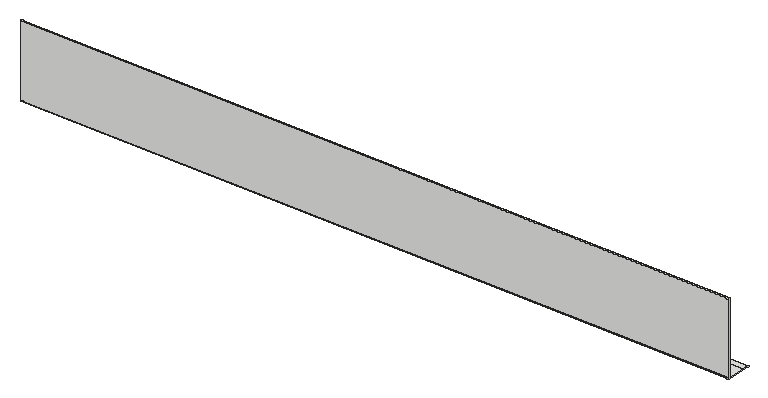
Revit family "PR788", category Mechanical Equipment, Revit 2018
Family settings
  Round Connector Dimension = Use Diameter
  Part Type = Normal
  OmniClass Number = 23.75.00.00
  OmniClass Title = Climate Control (HVAC)
  Work Plane-Based = No
  Always vertical = Yes
  Cut with Voids When Loaded = No
  Shared = No
  Room Calculation Point = No
Parameters (values of type "ISOLAMIN PR788 flashing")
  URL = "http://www.isolamin.se/"
  Thickness = "0.7 mm (Different thicknesses are available on request) \r\n0.7 mm (Different thicknesses are available on request) \r\n0.7 mm (Different thicknesses are available on request)"
  Profile Length = 1180 mm
  Model = "PR788"
  Material = "Galvanized Steel"
  Manufacturer = "ISOLAMIN AB"
  Edition = "1.0 (2018)"
Reference planes
  plane 1 "Center (Front/Back)": y = 0
  plane 2: z = 0
  plane 3 "Center (Left/Right)": x = 0
  plane 4: y = -1284.913
  plane 5: x = 1180
Forms (mm)
  Extrusion 1, solid, material "ISOLAMIN Surface Profile Material"
    sketch origin (0, 0, 0) x (0, 1, 0) y (0, 0, 1)
      loop
        line (1, 1) -> (1, 110) -> (2, 110) -> (2, 119.256)
        arc (2, 119.256) -> (1, 120) -> (0, 119.256) r 1.044
        line (0, 119.256) -> (0, 0.7)
        arc (0, 0.7) -> (0.205, 0.205) -> (0.7, 0) r 0.7
        line (0.7, 0) -> (39.256, 0)
        arc (39.256, 0) -> (40, 1) -> (39.256, 2) r 1.044
        line (39.256, 2) -> (30.7, 2) -> (30.7, 1) -> (1, 1)
    from 0 to 1180
Dimensions and locks
  "Profile Length": plane 3 "Center (Left/Right)" to plane 5
  aligned and locked: level to plane 2
  aligned and locked: plane 5 to Extrusion 1
Automatic sketch dimensions
  Extrusion 1 sketch curve to plane 1 "Center (Front/Back)" = 0 mm
  Extrusion 1 sketch curve to level = 0 mm
  Extrusion 1 sketch curve to plane 1 "Center (Front/Back)" = 0.7 mm
  Extrusion 1 sketch curve to plane 1 "Center (Front/Back)" = 1 mm  (x2)
  Extrusion 1 sketch curve to Extrusion 1 sketch curve = 1 mm
  level to Extrusion 1 sketch curve = 1 mm  (x2)
  Extrusion 1 sketch curve to Extrusion 1 sketch curve = 29.7 mm
  Extrusion 1 sketch curve to Extrusion 1 sketch curve = 8.256 mm
  Extrusion 1 sketch curve to Extrusion 1 sketch curve = 0.3 mm  (x3)
  Extrusion 1 sketch curve to Extrusion 1 sketch curve = 109 mm
  Extrusion 1 sketch curve to Extrusion 1 sketch curve = 8.956 mm
